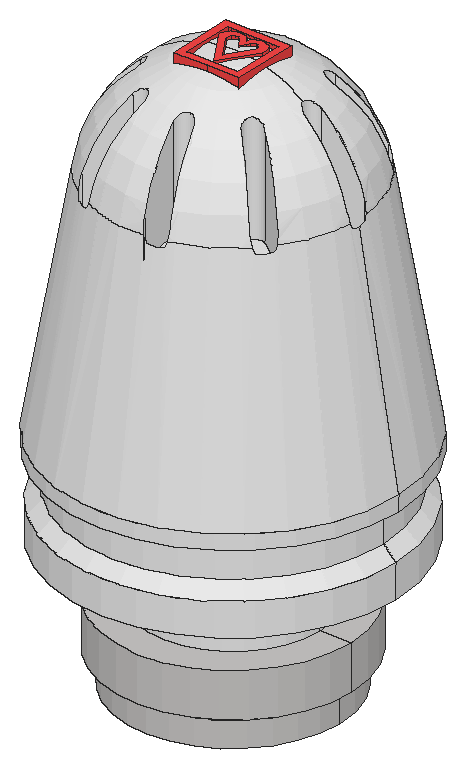
Revit family "HERZ-Mini-GS-Design-Thermostatic Sensor M28x1.5 9200 03", category Rohrzubehör, Revit 2020
Family settings
  Bemaßung runder Anschluss = Durchmesser verwenden
  Teiletyp = Normal
  OmniClass-Nummer = 23.65.55.14
  OmniClass-Titel = Valves for Liquid Services
  Arbeitsebenenbasiert = Nein
  Immer vertikal = Nein
  Beim Laden mit Abzugskörper schneiden = Nein
  Gemeinsam genutzt = Nein
Parameters
  Vorgabe-Ansicht = 0 mm
  URL = "www.herzvalves.com"
  Set value range = "0-30°C"  # constant formula
  S02 = 60 mm  # constant formula
  S01 = 73 mm  # constant formula
  Part number = 1920003  # constant formula
  Shut off zero position = "When set to \"0\", the thermostatic valve is shut off and the frost protection is disabled."
  Operation = "The HERZ thermostat serves as a sensing and control element.\r\nThe volumetric change of the liquid filling in the HERZ hydrosensor moves the thrust spindle of the valve."
  Hersteller = "HERZ Armaturen Ges.m.b.H."  # constant formula
  Hand wheel = "plastic, white"  # constant formula
  Frost protection = 6 °C  # constant formula
  Frost protection setpoint range = "6-30°C"  # constant formula
  Frost protection * = "When set to *, the valve automatically opens at approx.\r\n6 ° C ambient temperature and prevents the system from freezing"
  Application = "For mounting on valves that are designed for thermostatic operation."
Reference planes
  plane 1 "Mitte (Vorne/hinten)": y = 0
  plane 2: z = 0
  plane 3 "Mitte (Links/rechts)": x = 0
Forms (mm)
  Revolve 1, solid, material "Kunststoff weiß", detail levels fine
    sketch origin (0, 0, 0) x (1, 0, 0) y (0, 0, 1)
      loop
        line (0, 0) -> (0, 73)
        arc (0, 73) -> (-11.397, 68.78) -> (-17.297, 58.156) r 17.5
        arc (-17.297, 58.156) -> (-20.011, 42.065) -> (-22.88, 26) r 1681.293
        line (-22.88, 26) -> (-22.88, 24) -> (-20.75, 24) -> (-20.75, 19.25) -> (-22.5, 17.5) -> (-22.5, 13) -> (-12.8, 13)
        arc (-12.8, 13) -> (-12.234, 12.766) -> (-12, 12.2) r 0.8
        line (-12, 12.2) -> (-12, 4.8) -> (-13.2, 4.8) -> (-13.2, 0) -> (0, 0)
      axis (0, 73) -> (0, 0)
    angle from 0 to 360
  Revolve 2, solid, material "Messing verzinkt", detail levels fine
    sketch origin (0, 0, 0) x (1, 0, 0) y (0, 0, 1)
      loop
        line (0, 0) -> (0, 5.5) -> (-16.35, 5.5) -> (-16.35, -0.576) -> (-14.75, -1.5) -> (-14.75, -5) -> (-13.35, -5) -> (-13.35, 0) -> (0, 0)
      axis (0, 5.5) -> (0, -5)
    angle from 0 to 360
  Extrusion 3, void
    sketch origin (0, 0, 0) x (1, 0, 0) y (0, 1, 0)
      loop
        arc (11.027, 1.298) -> (9.8, 0) -> (11.027, -1.298) r 1.3
        line (11.027, -1.298) -> (16.77, -1.62)
        arc (16.77, -1.62) -> (17.178, -1.485) -> (17.384, -1.107) r 0.586
        arc (17.384, -1.107) -> (17.453, 0.011) -> (17.382, 1.129) r 9
        arc (17.382, 1.129) -> (17.183, 1.492) -> (16.79, 1.621) r 0.564
        line (16.79, 1.621) -> (11.027, 1.298)
      loop
        line (9.282, 6.094) -> (13.904, 9.55)
        arc (13.904, 9.55) -> (14.121, 9.902) -> (14.04, 10.308) r 0.564
        arc (14.04, 10.308) -> (13.376, 11.21) -> (12.605, 12.023) r 9
        arc (12.605, 12.023) -> (12.205, 12.18) -> (11.805, 12.021) r 0.586
        line (11.805, 12.021) -> (7.613, 8.082)
        arc (7.613, 8.082) -> (7.507, 6.299) -> (9.282, 6.094) r 1.3
      loop
        arc (0.637, 11.085) -> (1.702, 9.651) -> (3.193, 10.634) r 1.3
        line (3.193, 10.634) -> (4.508, 16.234)
        arc (4.508, 16.234) -> (4.445, 16.659) -> (4.109, 16.928) r 0.586
        arc (4.109, 16.928) -> (3.02, 17.189) -> (1.907, 17.313) r 9
        arc (1.907, 17.313) -> (1.515, 17.181) -> (1.319, 16.816) r 0.564
        line (1.319, 16.816) -> (0.637, 11.085)
      loop
        line (-4.39, 10.199) -> (-6.991, 15.351)
        arc (-6.991, 15.351) -> (-7.3, 15.626) -> (-7.713, 15.617) r 0.564
        arc (-7.713, 15.617) -> (-8.717, 15.12) -> (-9.651, 14.501) r 9
        arc (-9.651, 14.501) -> (-9.875, 14.134) -> (-9.788, 13.713) r 0.586
        line (-9.788, 13.713) -> (-6.638, 8.901)
        arc (-6.638, 8.901) -> (-4.9, 8.487) -> (-4.39, 10.199) r 1.3
      loop
        arc (-10.806, 2.552) -> (-9.209, 3.352) -> (-9.918, 4.991) r 1.3
        line (-9.918, 4.991) -> (-15.204, 7.258)
        arc (-15.204, 7.258) -> (-15.634, 7.271) -> (-15.957, 6.986) r 0.586
        arc (-15.957, 6.986) -> (-16.404, 5.959) -> (-16.719, 4.884) r 9
        arc (-16.719, 4.884) -> (-16.657, 4.475) -> (-16.332, 4.219) r 0.564
        line (-16.332, 4.219) -> (-10.806, 2.552)
      loop
        line (-10.806, -2.552) -> (-16.332, -4.219)
        arc (-16.332, -4.219) -> (-16.657, -4.475) -> (-16.719, -4.884) r 0.564
        arc (-16.719, -4.884) -> (-16.404, -5.959) -> (-15.957, -6.986) r 9
        arc (-15.957, -6.986) -> (-15.634, -7.271) -> (-15.204, -7.258) r 0.586
        line (-15.204, -7.258) -> (-9.918, -4.991)
        arc (-9.918, -4.991) -> (-9.209, -3.352) -> (-10.806, -2.552) r 1.3
      loop
        arc (9.282, -6.094) -> (7.507, -6.299) -> (7.613, -8.082) r 1.3
        line (7.613, -8.082) -> (11.805, -12.021)
        arc (11.805, -12.021) -> (12.205, -12.18) -> (12.605, -12.023) r 0.586
        arc (12.605, -12.023) -> (13.376, -11.21) -> (14.04, -10.308) r 9
        arc (14.04, -10.308) -> (14.121, -9.902) -> (13.904, -9.55) r 0.564
        line (13.904, -9.55) -> (9.282, -6.094)
      loop
        line (0.637, -11.085) -> (1.319, -16.816)
        arc (1.319, -16.816) -> (1.515, -17.181) -> (1.907, -17.313) r 0.564
        arc (1.907, -17.313) -> (3.02, -17.189) -> (4.109, -16.928) r 9
        arc (4.109, -16.928) -> (4.445, -16.659) -> (4.508, -16.234) r 0.586
        line (4.508, -16.234) -> (3.193, -10.634)
        arc (3.193, -10.634) -> (1.702, -9.651) -> (0.637, -11.085) r 1.3
      loop
        arc (-4.39, -10.199) -> (-4.9, -8.487) -> (-6.638, -8.901) r 1.3
        line (-6.638, -8.901) -> (-9.788, -13.713)
        arc (-9.788, -13.713) -> (-9.875, -14.134) -> (-9.651, -14.501) r 0.586
        arc (-9.651, -14.501) -> (-8.717, -15.12) -> (-7.713, -15.617) r 9
        arc (-7.713, -15.617) -> (-7.3, -15.626) -> (-6.991, -15.351) r 0.564
        line (-6.991, -15.351) -> (-4.39, -10.199)
    from 55 to 73
Cuts and joins
  Extrusion 3 cuts Revolve 1
Lines and regions (mm)
  model lines, detail levels coarse+medium
    curve 1: line (0, 0, 0) -> (0, 0, 13)
    curve 2: line (0, -0.017, 0) -> (0, 13, 0)
    curve 3: circle (0, 0, 43) r 30 normal (0, -1, 0)
    curve 4: circle (0, 0, 43) r 30 normal (1, 0, 0)
    curve 5: line (0, 0, 23) -> (0, 0, 63)
    curve 6: line (0, -17.5, 63) -> (0, 17.5, 63)
    curve 7: line (0, 0, 23) -> (0, 0, 63)
    curve 8: line (-17.5, 0, 63) -> (17.5, 0, 63)
    curve 9: circle (0, 43, 0) r 30 normal (0, 0, 1)
    curve 10: line (0, 23, 0) -> (0, 63, 0)
    curve 11: line (-17.5, 63, 0) -> (17.5, 63, 0)
Dimensions and locks
  "S01": curve 4 to plane 2
  "S01": curve 3 to plane 2
  "S01": plane 1 "Mitte (Vorne/hinten)" to curve 9
  "S02": diameter of curve 3
  "S02": diameter of curve 4
  "S02": diameter of curve 9
  aligned and locked: level to plane 2
Automatic sketch dimensions
  Revolve 1 sketch curve to level = 0 mm
  Revolve 1 sketch curve to plane 3 "Mitte (Links/rechts)" = 0 mm  (x2)
  Revolve 1 sketch curve to plane 3 "Mitte (Links/rechts)" = 12 mm
  Revolve 1 sketch curve to Revolve 1 sketch curve = 0.8 mm
  Revolve 1 sketch curve to Revolve 1 sketch curve = 1.2 mm
  Revolve 1 sketch curve to Revolve 1 sketch curve = 7.95 mm
  Revolve 1 sketch curve to Revolve 1 sketch curve = 1.75 mm  (x2)
  Revolve 1 sketch curve to Revolve 1 sketch curve = 2.13 mm
  level to Revolve 1 sketch curve = 329.658 mm
  Revolve 1 sketch curve to plane 3 "Mitte (Links/rechts)" = 1676.524 mm
  level to Revolve 1 sketch curve = 4.8 mm
  Revolve 1 sketch curve to Revolve 1 sketch curve = 7.4 mm
  Revolve 1 sketch curve to Revolve 1 sketch curve = 4.5 mm
  Revolve 1 sketch curve to Revolve 1 sketch curve = 4.75 mm
  Revolve 1 sketch curve to Revolve 1 sketch curve = 2 mm
  Revolve 1 sketch curve to Revolve 1 sketch curve = 29.5 mm
  Revolve 1 sketch curve to Revolve 1 sketch curve = 17.5 mm
  Revolve 1 sketch curve to level = 366.045 mm
  Revolve 1 sketch curve to Revolve 1 sketch curve = 2141.315 mm
  Revolve 2 sketch curve to level = 0 mm
  Revolve 2 sketch curve to plane 3 "Mitte (Links/rechts)" = 0 mm  (x2)
  Revolve 2 sketch curve to level = 5 mm
  Revolve 2 sketch curve to plane 3 "Mitte (Links/rechts)" = 13.35 mm
  Revolve 2 sketch curve to Revolve 2 sketch curve = 1.4 mm
  Revolve 2 sketch curve to level = 0.576 mm
  Revolve 2 sketch curve to Revolve 2 sketch curve = 1.6 mm
  Revolve 2 sketch curve to level = 1.5 mm
  level to Revolve 2 sketch curve = 5.5 mm
  Revolve 2 sketch curve to Revolve 2 sketch curve = 361.045 mm
  Revolve 2 sketch curve to Revolve 2 sketch curve = 2208.815 mm
  plane 1 "Mitte (Vorne/hinten)" to Extrusion 3 sketch curve = 0 mm  (x2)
  Extrusion 3 sketch curve to plane 1 "Mitte (Vorne/hinten)" = 4.219 mm
  Extrusion 3 sketch curve to plane 3 "Mitte (Links/rechts)" = 16.332 mm
  plane 1 "Mitte (Vorne/hinten)" to Extrusion 3 sketch curve = 4.219 mm
  Extrusion 3 sketch curve to Extrusion 3 sketch curve = 0 mm  (x11)
  Extrusion 3 sketch curve to Extrusion 3 sketch curve = 0.163 mm  (x2)
  Extrusion 3 sketch curve to Extrusion 3 sketch curve = 0.734 mm  (x2)
  plane 1 "Mitte (Vorne/hinten)" to Extrusion 3 sketch curve = 7.258 mm
  Extrusion 3 sketch curve to Extrusion 3 sketch curve = 0.231 mm  (x2)
  Extrusion 3 sketch curve to plane 1 "Mitte (Vorne/hinten)" = 7.258 mm
  plane 1 "Mitte (Vorne/hinten)" to Extrusion 3 sketch curve = 2.552 mm
  Extrusion 3 sketch curve to Extrusion 3 sketch curve = 5.526 mm
  Extrusion 3 sketch curve to plane 1 "Mitte (Vorne/hinten)" = 2.552 mm
  Extrusion 3 sketch curve to Extrusion 3 sketch curve = 0.375 mm  (x2)
  Extrusion 3 sketch curve to Extrusion 3 sketch curve = 0.512 mm  (x2)
  Extrusion 3 sketch curve to Extrusion 3 sketch curve = 5.416 mm  (x2)
  Extrusion 3 sketch curve to Extrusion 3 sketch curve = 0.49 mm  (x2)
  Extrusion 3 sketch curve to Extrusion 3 sketch curve = 2.488 mm  (x2)
  Extrusion 3 sketch curve to Extrusion 3 sketch curve = 1.803 mm  (x2)
  Extrusion 3 sketch curve to Extrusion 3 sketch curve = 0.504 mm  (x2)
  Extrusion 3 sketch curve to Extrusion 3 sketch curve = 3.281 mm  (x2)
  Extrusion 3 sketch curve to Extrusion 3 sketch curve = 1.088 mm  (x2)
  Extrusion 3 sketch curve to Extrusion 3 sketch curve = 1.16 mm  (x2)
  Extrusion 3 sketch curve to Extrusion 3 sketch curve = 1.324 mm  (x2)
  plane 3 "Mitte (Links/rechts)" to Extrusion 3 sketch curve = 0.637 mm  (x2)
  plane 3 "Mitte (Links/rechts)" to Extrusion 3 sketch curve = 1.319 mm  (x2)
  plane 3 "Mitte (Links/rechts)" to Extrusion 3 sketch curve = 1.468 mm  (x2)
  Extrusion 3 sketch curve to Extrusion 3 sketch curve = 0.561 mm  (x2)
  Extrusion 3 sketch curve to Extrusion 3 sketch curve = 1.291 mm  (x2)
  Extrusion 3 sketch curve to Extrusion 3 sketch curve = 1.266 mm  (x2)
  Extrusion 3 sketch curve to Extrusion 3 sketch curve = 2.058 mm  (x2)
  Extrusion 3 sketch curve to Extrusion 3 sketch curve = 0.57 mm  (x2)
  Extrusion 3 sketch curve to Extrusion 3 sketch curve = 5.007 mm  (x2)
  Extrusion 3 sketch curve to Extrusion 3 sketch curve = 1.138 mm  (x2)
  Extrusion 3 sketch curve to Extrusion 3 sketch curve = 1.978 mm
  Extrusion 3 sketch curve to Extrusion 3 sketch curve = 0.89 mm  (x2)
  Extrusion 3 sketch curve to Extrusion 3 sketch curve = 0.779 mm  (x2)
  plane 1 "Mitte (Vorne/hinten)" to Extrusion 3 sketch curve = 1.298 mm
  Extrusion 3 sketch curve to Extrusion 3 sketch curve = 2.575 mm
  Extrusion 3 sketch curve to Extrusion 3 sketch curve = 0.073 mm
  Extrusion 3 sketch curve to Extrusion 3 sketch curve = 4.192 mm  (x2)
  Extrusion 3 sketch curve to Extrusion 3 sketch curve = 0.401 mm  (x2)
  Extrusion 3 sketch curve to Extrusion 3 sketch curve = 1.36 mm  (x2)
  Extrusion 3 sketch curve to Extrusion 3 sketch curve = 0.338 mm  (x2)
  plane 1 "Mitte (Vorne/hinten)" to Extrusion 3 sketch curve = 1.62 mm
  Extrusion 3 sketch curve to Extrusion 3 sketch curve = 5.743 mm
  Extrusion 3 sketch curve to plane 1 "Mitte (Vorne/hinten)" = 1.621 mm
  Extrusion 3 sketch curve to Extrusion 3 sketch curve = 0.02 mm
  Extrusion 3 sketch curve to Extrusion 3 sketch curve = 0.033 mm
  Extrusion 3 sketch curve to Extrusion 3 sketch curve = 0.032 mm
  plane 1 "Mitte (Vorne/hinten)" to Extrusion 3 sketch curve = 7.32 mm
  Extrusion 3 sketch curve to Extrusion 3 sketch curve = 6.784 mm
  Extrusion 3 sketch curve to Extrusion 3 sketch curve = 1.004 mm
  Extrusion 3 sketch curve to Extrusion 3 sketch curve = 1.581 mm  (x2)
  Extrusion 3 sketch curve to Extrusion 3 sketch curve = 1.468 mm
  Extrusion 3 sketch curve to Extrusion 3 sketch curve = 0.712 mm  (x2)
  Extrusion 3 sketch curve to Extrusion 3 sketch curve = 0.452 mm  (x2)
  Extrusion 3 sketch curve to Extrusion 3 sketch curve = 2.31 mm  (x2)
  Extrusion 3 sketch curve to Extrusion 3 sketch curve = 0.297 mm  (x2)
  Extrusion 3 sketch curve to Extrusion 3 sketch curve = 1.591 mm  (x2)
  Extrusion 3 sketch curve to Extrusion 3 sketch curve = 0.427 mm  (x2)
  Extrusion 3 sketch curve to Extrusion 3 sketch curve = 4.812 mm  (x2)
  Extrusion 3 sketch curve to Extrusion 3 sketch curve = 0.321 mm  (x2)
  Extrusion 3 sketch curve to Extrusion 3 sketch curve = 1.063 mm  (x2)
  Extrusion 3 sketch curve to Extrusion 3 sketch curve = 0.254 mm  (x2)
  Extrusion 3 sketch curve to Extrusion 3 sketch curve = 5.599 mm  (x2)
  Extrusion 3 sketch curve to Extrusion 3 sketch curve = 0.134 mm  (x2)
  Extrusion 3 sketch curve to Extrusion 3 sketch curve = 0.382 mm  (x2)
  Extrusion 3 sketch curve to Extrusion 3 sketch curve = 0.067 mm  (x2)
  Extrusion 3 sketch curve to Extrusion 3 sketch curve = 0.947 mm
  Extrusion 3 sketch curve to Extrusion 3 sketch curve = 0.539 mm  (x2)
  Extrusion 3 sketch curve to Extrusion 3 sketch curve = 1.702 mm
  Extrusion 3 sketch curve to Extrusion 3 sketch curve = 2.439 mm
  Extrusion 3 sketch curve to Extrusion 3 sketch curve = 0.54 mm  (x2)
  Extrusion 3 sketch curve to Extrusion 3 sketch curve = 0.905 mm
  Extrusion 3 sketch curve to Extrusion 3 sketch curve = 0.585 mm
  Extrusion 3 sketch curve to Extrusion 3 sketch curve = 0.564 mm
  Extrusion 3 sketch curve to Extrusion 3 sketch curve = 0.339 mm
  Extrusion 3 sketch curve to Extrusion 3 sketch curve = 1.245 mm
  Extrusion 3 sketch curve to plane 1 "Mitte (Vorne/hinten)" = 5.433 mm
  Extrusion 3 sketch curve to Extrusion 3 sketch curve = 0.661 mm
  Extrusion 3 sketch curve to Extrusion 3 sketch curve = 1.041 mm
  Extrusion 3 sketch curve to Extrusion 3 sketch curve = 4.429 mm
  Extrusion 3 sketch curve to Extrusion 3 sketch curve = 2.891 mm
  Extrusion 3 sketch curve to Extrusion 3 sketch curve = 3.456 mm
  Extrusion 3 sketch curve to plane 1 "Mitte (Vorne/hinten)" = 1.298 mm  (x2)
  curve 5 to plane 1 "Mitte (Vorne/hinten)" = 0 mm
  curve 4 to plane 1 "Mitte (Vorne/hinten)" = 0 mm
  plane 1 "Mitte (Vorne/hinten)" to curve 6 = 17.5 mm
  curve 5 to curve 6 = 17.5 mm
  curve 5 to curve 4 = 20 mm
  curve 4 to curve 6 = 20 mm
  curve 3 to plane 3 "Mitte (Links/rechts)" = 0 mm
  curve 7 to plane 3 "Mitte (Links/rechts)" = 0 mm
  curve 1 to plane 3 "Mitte (Links/rechts)" = 0 mm
  curve 1 to level = 0 mm
  curve 8 to curve 7 = 17.5 mm
  plane 3 "Mitte (Links/rechts)" to curve 8 = 17.5 mm
  curve 1 to curve 7 = 10 mm
  curve 3 to curve 8 = 20 mm
  curve 9 to plane 3 "Mitte (Links/rechts)" = 0 mm
  curve 10 to plane 3 "Mitte (Links/rechts)" = 0 mm
  curve 2 to plane 3 "Mitte (Links/rechts)" = 0 mm
  curve 11 to curve 10 = 17.5 mm
  plane 3 "Mitte (Links/rechts)" to curve 11 = 17.5 mm
  plane 1 "Mitte (Vorne/hinten)" to curve 2 = 0.017 mm
  curve 2 to curve 10 = 10 mm
  curve 9 to curve 11 = 20 mm
Nested families
  nested 1: "Herz-Logo" at (0, 0, 71.5), type "Herz-Logo", detail levels fine
Definition of nested family "Herz-Logo"
  Parameters (values of type "Herz-Logo")
    Default Elevation = 0 mm
  Reference planes
    plane 1 "Mitte (Vorne/hinten)": y = 0
    plane 2: z = 0
    plane 3 "Mitte (Links/rechts)": x = 0
  Forms (mm)
    Extrusion 1, solid
      sketch origin (0, 0, 0) x (1, 0, 0) y (0, 1, 0)
        loop
          line (-0.018, -4.517) -> (4.482, -4.517) -> (4.482, 4.483) -> (-4.518, 4.483) -> (-4.518, -4.517) -> (-0.018, -4.517)
        loop
          line (-0.05, -3.48) -> (3.482, -3.48) -> (3.482, 3.483) -> (-3.518, 3.483) -> (-3.518, -3.48) -> (-0.05, -3.48)
        loop
          arc (-0.018, 2.383) -> (-1.543, 3.287) -> (-3.067, 2.383) r 1.738
          arc (-3.067, 2.383) -> (-3.191, 1.899) -> (-3.067, 1.415) r 1.009
          line (-3.067, 1.415) -> (-0.018, -3.281) -> (3.032, 1.415)
          arc (3.032, 1.415) -> (3.156, 1.899) -> (3.032, 2.383) r 1.009
          arc (3.032, 2.383) -> (1.507, 3.287) -> (-0.018, 2.383) r 1.738
        loop
          arc (1.885, 1.272) -> (2.005, 1.675) -> (1.885, 2.079) r 0.74
          arc (1.885, 2.079) -> (1.265, 2.416) -> (0.644, 2.079) r 0.74
          line (0.644, 2.079) -> (-0.018, 0.97) -> (-0.679, 2.079)
          arc (-0.679, 2.079) -> (-1.3, 2.416) -> (-1.921, 2.079) r 0.74
          arc (-1.921, 2.079) -> (-2.04, 1.675) -> (-1.921, 1.272) r 0.74
          line (-1.921, 1.272) -> (-0.018, -1.658) -> (1.885, 1.272)
      from 0 to 1.5
  Dimensions and locks
    aligned and locked: level to plane 2
